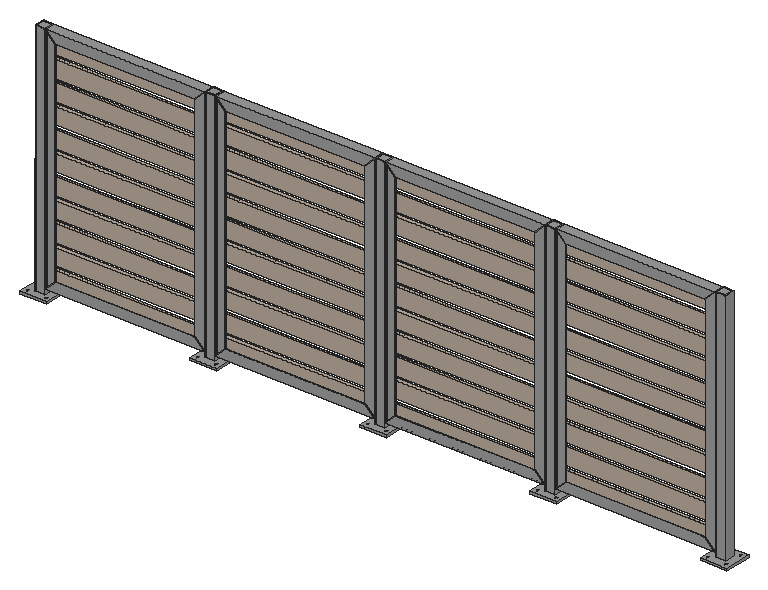
Revit family "Tiberius-Aluminum-Array", category Specialty Equipment, Revit 2026
Family settings
  Round Connector Dimension = Use Diameter
  Part Type = Normal
  Classification Number = 23.55.00.00
  Enable Cutting in Views = No
  Cut with Voids When Loaded = No
  Maintain Annotation Orientation = No
  Shared = No
  Room Calculation Point = No
Parameters (values of type "Assembly")
  Warranty URL = "https://palmshieldlouvers.com/wp-content/uploads/2020/01/PalmSHIELD-Warranty-NO-SIGN-LINE.pdf"
  Version = "2020 - v1.0a"  # constant formula
  URL = "https://palmshieldlouvers.com/"
  Type Comments = ""
  Start Post [instance] = yes
  Product Page URL = "https://palmshieldlouvers.com/products/semi-private-screening/"
  Product Documentation Link = "http://palmshieldlouvers.com/wp-content/uploads/2020/05/PalmSHIELD-Semi-Private-Composite-Technical-Data-Sheet.pdf"
  Post Finish = Metal - PalmSHIELD - Dusty Grey
  Panel Width [instance] = if(Desired Panel Width > C Max Panel Width, C Max Panel Width, if(Desired Panel Width < C Min Panel Width, C Min Panel Width, Desired Panel Width))  # 4' - 0"
  Panel Height [instance] = if(Desired Panel Height > C Max Panel Height, C Max Panel Height, if(Desired Panel Height < C Min Panel Height, C Min Panel Height, Desired Panel Height))  # 6' - 0"
  Model = "Tiberius - Aluminum - Panel Assembly"  # constant formula
  Manufacturer Phone Number = "531-329-4406 "  # constant formula
  Manufacturer Email = "mailto: info@palmshieldlouvers.com"
  Manufacturer Address = "12330 Cary Circle, La Vista, NE 68128"  # constant formula
  Manufacturer = "PalmSHIELD"  # constant formula
  Louver Finish = Metal - PalmSHIELD - Grey Beige
  Keynote = "05 10 00"
  Instruction Sheet Link = "http://palmshieldlouvers.com/wp-content/uploads/2020/01/PalmSHIELD-Post-Panel-Gate-Installation-Instructions-REV-1.pdf"
  ID [instance] = "Not Assigned"
  Frame Finish = Metal - PalmSHIELD - Dusty Grey
  Filler Panel [instance] = yes
  End Post [instance] = yes
  Desired Panel Width [instance] = 4' - 0"
  Desired Panel Height [instance] = 6' - 0"
  Real Length [instance] = if([built-in parameter 1001306] < (C Post Width + C Min Panel Width), (C Post Width + C Min Panel Width), [built-in parameter 1001306])  # 17' - 0"
  Description = "Tiberius - Aluminum - Panel Assembly"  # constant formula
  built-in parameter 1001306 [instance] = 17' - 0"
  Copyright = "Copyright ©2024 The American Fence Company and PalmSHIELD. All Rights Reserved."  # constant formula
  Component Name [instance] = "Tiberius - Aluminum - Panel Assembly"  # constant formula
  C Single Post [instance] = if(C Condition Double, 1 = 1, if(and(End Post, C Condition Single), 1 = 1, 1 = 0))  # no
  C Single Panel [instance] = or(C Condition Double, C Condition Single)  # no
  C Post Width [instance] = 0' - 3"  # constant formula
  C Multiple Post [instance] = (C Condition Multiple)  # yes
  C Multiple Panels [instance] = (C Condition Multiple)  # yes
  C Min Panel Width [instance] = 3' - 4"  # constant formula
  C Min Panel Height [instance] = 3' - 4"  # constant formula
  C Max Panel Width [instance] = 5' - 0"  # constant formula
  C Max Panel Height [instance] = 12' - 0"  # constant formula
  C Filler Post [instance] = and(not(C Condition Single), Filler Panel, End Post, C Filler Panel Width > C Min Panel Width)  # yes
  C Filler Panel Width Calculated [instance] = Real Length - C Calculated Total Length - Panel Width - C Post Width  # 4' - 0"
  C Filler Panel Width [instance] = if(C Filler Panel Width Calculated < C Min Panel Width, C Min Panel Width, if(C Filler Panel Width Calculated > C Max Panel Width, C Max Panel Width, C Filler Panel Width Calculated))  # 4' - 0"
  C Filler Panel [instance] = and(not(C Condition Single), Filler Panel, C Filler Panel Width > C Min Panel Width)  # yes
  C Condition Single [instance] = C Array Count < 1  # no
  C Condition Multiple [instance] = C Array Count > 1  # yes
  C Condition Double [instance] = C Array Count = 1  # no
  C Complete Post [instance] = and(not(C Condition Single), not(Filler Panel), End Post)  # no
  C Complete Panel [instance] = and(not(C Condition Single), not(Filler Panel))  # no
  C Calculated Total Length [instance] = if(C Array Count < 1, 0' 0", if(C Array Count = 1, C Post Width, Panel Width * (C Array Safe - 1) + C Post Width * (C Array Safe)))  # 8' - 9"
  C Calculated Filler Panel Length [instance] = if(C Array Count < 1, 0' 0", if(or(C Array Count = 2, C Array Count = 1), C Post Width, if(Filler Panel, (C Calculated Total Length - C Post Width - C Filler Panel Width), (C Calculated Total Length - C Post Width - Panel Width))))  # 4' - 6"
  C Array Safe [instance] = if(C Array Count < 2, 2, C Array Count)  # 3
  C Array Count [instance] = if(Filler Panel, roundup(((Real Length - C Min Panel Width) / (Panel Width + C Post Width)) - 1), roundup(((Real Length - (Panel Width)) / (Panel Width + C Post Width)) - 1))  # 3
  Assembly Code = "F1020100"
Reference planes (in)
  plane 1 "Center (Front/Back)": y = 0
  plane 2: z = 0
  plane 3 "Left": x = 0
  plane 4 "Right": x = 204
  plane 5 "Top": z = 60
  plane 6: x = 48
  plane 7: x = 51
  plane 8: x = 99
  plane 9: x = 102
  plane 10: x = -3
  plane 11: x = 153
  plane 12: x = 51
  plane 13: x = 201
  plane 14: x = 201
  plane 15: x = -1.5
Lines and regions (in)
  reference lines
    curve 1: line (0, 0, 0) -> (204, 0, 0)
Dimensions and locks (in)
  "built-in parameter 1001306": plane 3 "Left" to plane 4 "Right"
  "Panel Width": plane 6 to plane 3 "Left"
  "C Post Width": plane 7 to plane 6
  "Panel Width": plane 8 to plane 7
  "C Post Width": plane 9 to plane 8
  "C Post Width": plane 3 "Left" to plane 10
  "C Calculated Filler Panel Length": plane 12 to plane 10
  "C Filler Panel Width": plane 13 to plane 11
  "Panel Width": plane 14 to plane 11
  "C Calculated Total Length": plane 11 to plane 6
  equal spacing: plane 10, plane 15, plane 3 "Left"
  equal spacing: group 1, group 2, group 5  (x3)
  equal spacing: group 3, group 4, group 6  (x3)
  aligned and locked: plane 4 "Right" to curve 1
  aligned and locked: plane 1 "Center (Front/Back)" to curve 1
  aligned and locked: plane 3 "Left" to curve 1
  aligned and locked: level to plane 2
  aligned and locked: plane 15 to nested 1
  aligned and locked: nested 1 to plane 1 "Center (Front/Back)"
  aligned and locked: nested 5 to plane 1 "Center (Front/Back)"
  aligned and locked: plane 3 "Left" to nested 5
  aligned and locked: nested 6 to plane 13
  aligned and locked: nested 7 to plane 14
  aligned and locked: nested 9 to plane 13
  aligned and locked: nested 8 to plane 14
  aligned and locked: plane 1 "Center (Front/Back)" to nested 9
  aligned and locked: plane 1 "Center (Front/Back)" to nested 8
  aligned and locked: nested 7 to plane 1 "Center (Front/Back)"
  aligned and locked: plane 3 "Left" to nested 10
  aligned and locked: plane 7 to nested 11
  aligned and locked: nested 10 to plane 1 "Center (Front/Back)"
  aligned and locked: nested 11 to plane 1 "Center (Front/Back)"
  aligned and locked: nested 12 to plane 6
  aligned and locked: nested 13 to plane 8
  aligned and locked: plane 1 "Center (Front/Back)" to nested 12
  aligned and locked: plane 1 "Center (Front/Back)" to nested 13
  aligned and locked: nested 14 to plane 6
  aligned and locked: plane 1 "Center (Front/Back)" to nested 14
Nested families (in)
  nested 1: "Nested-Screening-Louver-Assembly-Post-Palmshield-Tiberius-Aluminum" at (-1.5, 0, 0), Desired Overall Height <- "Panel Height", visible <- "Start Post", Component Vis <- "Start Post", ID <- "ID", type "Assembly"
    with ID "Not Assigned", Height 6' - 0", Desired Overall Height 6' - 0", Component Vis yes, Component Name "Tiberius - Aluminum - Square Post", C Min Height 3' - 4", C Max Height 12' - 0"
  nested 2: "(Do_Not_Use-Nested)-Base_Plate-Palmshield-Tiberius-Aluminum" at (-1.5, 0, 0), type "8" x 8" x 5/8""
    with Material Metal - PalmSHIELD - Dusty Grey, ID "Not Assigned", Component Name "Tiberius - Aluminum - Base Plate"
  nested 3: "(Do_Not_Use-Nested)-Square_Post-Palmshield-Tiberius-Aluminum" at (-1.5, 0, 0.625), type "3" x 3" x 1/8""
    with Material Metal - PalmSHIELD - Dusty Grey, Length 5' - 11 3/8", ID "Not Assigned", Component Name "Atlas - Square Post"
  nested 4: "(Do_Not_Use-Nested)-Top_Cap-Palmshield-Tiberius-Aluminum" at (-1.5, 0, 72) x (1, 0, 0) z (0, 0, -1), type "2 3/4" x 2 3/4" x 1/8""
    with Material Metal - PalmSHIELD - Dusty Grey, ID "Not Assigned", Component Name "Tiberius - Aluminum - Square Top Cap"
  nested 5: "Nested-Screening-Louver-Assembly-Panel-Palmshield-Tiberius-Aluminum" at (0, -1.5, 0), Desired Overall Height <- "Panel Height", Desired Overall Width <- "Panel Width", visible <- "C Single Panel", Component Vis <- "C Single Panel", ID <- "ID", type "Assembly"
    with Width 4' - 0", ID "Not Assigned", Height 6' - 0", Desired Overall Width 4' - 0", Desired Overall Height 6' - 0", Desired Bottom Angle 0.00°, Component Vis no, Component Name "Tiberius - Aluminum - Panel Assembly", C Min Width 3' - 4", C Min Height 3' - 4", C Max Width 5' - 0", C Max Height 12' - 0", C Angle 0.00°
  nested 6: "Nested-Screening-Louver-Assembly-Panel-Palmshield-Tiberius-Aluminum" at (153, -1.5, 0), Desired Overall Height <- "Panel Height", Desired Overall Width <- "C Filler Panel Width", visible <- "C Filler Panel", Component Vis <- "C Filler Panel", ID <- "ID", type "Assembly"
    with Width 4' - 0", ID "Not Assigned", Height 6' - 0", Desired Overall Width 4' - 0", Desired Overall Height 6' - 0", Desired Bottom Angle 0.00°, Component Vis yes, Component Name "Tiberius - Aluminum - Panel Assembly", C Min Width 3' - 4", C Min Height 3' - 4", C Max Width 5' - 0", C Max Height 12' - 0", C Angle 0.00°
  nested 7: "Nested-Screening-Louver-Assembly-Panel-Palmshield-Tiberius-Aluminum" at (153, -1.5, 0), Desired Overall Height <- "Panel Height", Desired Overall Width <- "Panel Width", visible <- "C Complete Panel", Component Vis <- "C Complete Panel", ID <- "ID", type "Assembly"
    with Width 4' - 0", ID "Not Assigned", Height 6' - 0", Desired Overall Width 4' - 0", Desired Overall Height 6' - 0", Desired Bottom Angle 0.00°, Component Vis no, Component Name "Tiberius - Aluminum - Panel Assembly", C Min Width 3' - 4", C Min Height 3' - 4", C Max Width 5' - 0", C Max Height 12' - 0", C Angle 0.00°
  nested 8: "Nested-Screening-Louver-Assembly-Post-Palmshield-Tiberius-Aluminum" at (202.5, 0, 0), Desired Overall Height <- "Panel Height", visible <- "C Complete Post", Component Vis <- "C Complete Post", ID <- "ID", type "Assembly"
    with ID "Not Assigned", Height 6' - 0", Desired Overall Height 6' - 0", Component Vis no, Component Name "Tiberius - Aluminum - Square Post", C Min Height 3' - 4", C Max Height 12' - 0"
  nested 9: "Nested-Screening-Louver-Assembly-Post-Palmshield-Tiberius-Aluminum" at (202.5, 0, 0), Desired Overall Height <- "Panel Height", visible <- "C Filler Post", Component Vis <- "C Filler Post", ID <- "ID", type "Assembly"
    with ID "Not Assigned", Height 6' - 0", Desired Overall Height 6' - 0", Component Vis yes, Component Name "Tiberius - Aluminum - Square Post", C Min Height 3' - 4", C Max Height 12' - 0"
  nested 10: "Nested-Screening-Louver-Assembly-Panel-Palmshield-Tiberius-Aluminum" at (0, -1.5, 0), Desired Overall Height <- "Panel Height", Desired Overall Width <- "Panel Width", visible <- "C Multiple Panels", Component Vis <- "C Multiple Panels", ID <- "ID", type "Assembly"
    with Width 4' - 0", ID "Not Assigned", Height 6' - 0", Desired Overall Width 4' - 0", Desired Overall Height 6' - 0", Desired Bottom Angle 0.00°, Component Vis yes, Component Name "Tiberius - Aluminum - Panel Assembly", C Min Width 3' - 4", C Min Height 3' - 4", C Max Width 5' - 0", C Max Height 12' - 0", C Angle 0.00°
  nested 11: "Nested-Screening-Louver-Assembly-Panel-Palmshield-Tiberius-Aluminum" at (51, -1.5, 0), Desired Overall Height <- "Panel Height", Desired Overall Width <- "Panel Width", visible <- "C Multiple Panels", Component Vis <- "C Multiple Panels", ID <- "ID", type "Assembly"
    with Width 4' - 0", ID "Not Assigned", Height 6' - 0", Desired Overall Width 4' - 0", Desired Overall Height 6' - 0", Desired Bottom Angle 0.00°, Component Vis yes, Component Name "Tiberius - Aluminum - Panel Assembly", C Min Width 3' - 4", C Min Height 3' - 4", C Max Width 5' - 0", C Max Height 12' - 0", C Angle 0.00°
  nested 12: "Nested-Screening-Louver-Assembly-Post-Palmshield-Tiberius-Aluminum" at (49.5, 0, 0), Desired Overall Height <- "Panel Height", visible <- "C Multiple Post", Component Vis <- "C Multiple Post", ID <- "ID", type "Assembly"
    with ID "Not Assigned", Height 6' - 0", Desired Overall Height 6' - 0", Component Vis yes, Component Name "Tiberius - Aluminum - Square Post", C Min Height 3' - 4", C Max Height 12' - 0"
  nested 13: "Nested-Screening-Louver-Assembly-Post-Palmshield-Tiberius-Aluminum" at (100.5, 0, 0), Desired Overall Height <- "Panel Height", visible <- "C Multiple Post", Component Vis <- "C Multiple Post", ID <- "ID", type "Assembly"
    with ID "Not Assigned", Height 6' - 0", Desired Overall Height 6' - 0", Component Vis yes, Component Name "Tiberius - Aluminum - Square Post", C Min Height 3' - 4", C Max Height 12' - 0"
  nested 14: "Nested-Screening-Louver-Assembly-Post-Palmshield-Tiberius-Aluminum" at (49.5, 0, 0), Desired Overall Height <- "Panel Height", visible <- "C Single Post", Component Vis <- "C Single Post", ID <- "ID", type "Assembly"
    with ID "Not Assigned", Height 6' - 0", Desired Overall Height 6' - 0", Component Vis no, Component Name "Tiberius - Aluminum - Square Post", C Min Height 3' - 4", C Max Height 12' - 0"
  nested 15: "(Do_Not_Use-Nested)-Louvers-Palmshield-Tiberius-Aluminum" at (53.5, -0.25, 33.2) x (0, -1, 0) z (1, 0, 0), type "TREX TRANSCEN INFILL SLATS"
    with Material Metal - PalmSHIELD - Grey Beige, Length 3' - 7", ID "Not Assigned", Component Name "Tiberius - Aluminum - Infill Slat"
  nested 16: "(Do_Not_Use-Nested)-Louvers-Palmshield-Tiberius-Aluminum" at (53.5, -0.25, 39.5) x (0, -1, 0) z (1, 0, 0), type "TREX TRANSCEN INFILL SLATS"
    with Material Metal - PalmSHIELD - Grey Beige, Length 3' - 7", ID "Not Assigned", Component Name "Tiberius - Aluminum - Infill Slat"
  nested 17: "(Do_Not_Use-Nested)-Louvers-Palmshield-Tiberius-Aluminum" at (53.5, -0.25, 45.8) x (0, -1, 0) z (1, 0, 0), type "TREX TRANSCEN INFILL SLATS"
    with Material Metal - PalmSHIELD - Grey Beige, Length 3' - 7", ID "Not Assigned", Component Name "Tiberius - Aluminum - Infill Slat"
  nested 18: "(Do_Not_Use-Nested)-Louvers-Palmshield-Tiberius-Aluminum" at (53.5, -0.25, 52.1) x (0, -1, 0) z (1, 0, 0), type "TREX TRANSCEN INFILL SLATS"
    with Material Metal - PalmSHIELD - Grey Beige, Length 3' - 7", ID "Not Assigned", Component Name "Tiberius - Aluminum - Infill Slat"
  nested 19: "(Do_Not_Use-Nested)-Louvers-Palmshield-Tiberius-Aluminum" at (53.5, -0.25, 58.4) x (0, -1, 0) z (1, 0, 0), type "TREX TRANSCEN INFILL SLATS"
    with Material Metal - PalmSHIELD - Grey Beige, Length 3' - 7", ID "Not Assigned", Component Name "Tiberius - Aluminum - Infill Slat"
  nested 20: "(Do_Not_Use-Nested)-Louvers-Palmshield-Tiberius-Aluminum" at (53.5, -0.25, 64.7) x (0, -1, 0) z (1, 0, 0), type "TREX TRANSCEN INFILL SLATS"
    with Material Metal - PalmSHIELD - Grey Beige, Length 3' - 7", ID "Not Assigned", Component Name "Tiberius - Aluminum - Infill Slat"
  nested 21: "(Do_Not_Use-Nested)-Louvers-Palmshield-Tiberius-Aluminum" at (53.5, -0.25, 8) x (0, -1, 0) z (1, 0, 0), type "TREX TRANSCEN INFILL SLATS"
    with Material Metal - PalmSHIELD - Grey Beige, Length 3' - 7", ID "Not Assigned", Component Name "Tiberius - Aluminum - Infill Slat"
  nested 22: "(Do_Not_Use-Nested)-Louvers-Palmshield-Tiberius-Aluminum" at (53.5, -0.25, 71) x (0, -1, 0) z (1, 0, 0), type "TREX TRANSCEN INFILL SLATS"
    with Material Metal - PalmSHIELD - Grey Beige, Length 3' - 7", ID "Not Assigned", Component Name "Tiberius - Aluminum - Infill Slat"
  nested 23: "(Do_Not_Use-Nested)-L_Frame-Palmshield-Tiberius" at (99, -1.5, 72) x (0, 1, 0) z (0, 0, -1), type "ALUM L 3" X 3" X 1/4""
    with Material Metal - PalmSHIELD - Dusty Grey, Length 4' - 0", ID "Not Assigned", Component Name "Tiberius - Aluminum - L Frame", B-Side Cut Angle 45.00°, A-Side Cut Angle 45.00°
  nested 24: "(Do_Not_Use-Nested)-L_Frame-Palmshield-Tiberius" at (51, -1.5, 72) x (0, 1, 0) z (1, 0, 0), type "ALUM L 3" X 3" X 1/4""
    with Material Metal - PalmSHIELD - Dusty Grey, Length 5' - 10", ID "Not Assigned", Component Name "Tiberius - Aluminum - L Frame", B-Side Cut Angle 45.00°, A-Side Cut Angle 45.00°
  nested 25: "(Do_Not_Use-Nested)-L_Frame-Palmshield-Tiberius" at (99, -1.5, 2) x (0, 1, 0) z (-1, 0, 0), type "ALUM L 3" X 3" X 1/4""
    with Material Metal - PalmSHIELD - Dusty Grey, Length 5' - 10", ID "Not Assigned", Component Name "Tiberius - Aluminum - L Frame", B-Side Cut Angle 45.00°, A-Side Cut Angle 45.00°
  nested 26: "(Do_Not_Use-Nested)-L_Frame-Palmshield-Tiberius" at (51, -1.5, 2) x (0, 1, 0) z (0, 0, 1), type "ALUM L 3" X 3" X 1/4""
    with Material Metal - PalmSHIELD - Dusty Grey, Length 4' - 0", ID "Not Assigned", Component Name "Tiberius - Aluminum - L Frame", B-Side Cut Angle 45.00°, A-Side Cut Angle 45.00°
  nested 27: "(Do_Not_Use-Nested)-Louvers-Palmshield-Tiberius-Aluminum" at (53.5, -0.25, 20.6) x (0, -1, 0) z (1, 0, 0), type "TREX TRANSCEN INFILL SLATS"
    with Material Metal - PalmSHIELD - Grey Beige, Length 3' - 7", ID "Not Assigned", Component Name "Tiberius - Aluminum - Infill Slat"
  nested 28: "(Do_Not_Use-Nested)-Louvers-Palmshield-Tiberius-Aluminum" at (53.5, -0.25, 26.9) x (0, -1, 0) z (1, 0, 0), type "TREX TRANSCEN INFILL SLATS"
    with Material Metal - PalmSHIELD - Grey Beige, Length 3' - 7", ID "Not Assigned", Component Name "Tiberius - Aluminum - Infill Slat"
  nested 29: "(Do_Not_Use-Nested)-Louvers-Palmshield-Tiberius-Aluminum" at (53.5, -0.25, 14.3) x (0, -1, 0) z (1, 0, 0), type "TREX TRANSCEN INFILL SLATS"
    with Material Metal - PalmSHIELD - Grey Beige, Length 3' - 7", ID "Not Assigned", Component Name "Tiberius - Aluminum - Infill Slat"
  nested 30: "(Do_Not_Use-Nested)-Base_Plate-Palmshield-Tiberius-Aluminum" at (100.5, 0, 0), type "8" x 8" x 5/8""
    with Material Metal - PalmSHIELD - Dusty Grey, ID "Not Assigned", Component Name "Tiberius - Aluminum - Base Plate"
  nested 31: "(Do_Not_Use-Nested)-Square_Post-Palmshield-Tiberius-Aluminum" at (100.5, 0, 0.625), type "3" x 3" x 1/8""
    with Material Metal - PalmSHIELD - Dusty Grey, Length 5' - 11 3/8", ID "Not Assigned", Component Name "Atlas - Square Post"
  nested 32: "(Do_Not_Use-Nested)-Top_Cap-Palmshield-Tiberius-Aluminum" at (100.5, 0, 72) x (1, 0, 0) z (0, 0, -1), type "2 3/4" x 2 3/4" x 1/8""
    with Material Metal - PalmSHIELD - Dusty Grey, ID "Not Assigned", Component Name "Tiberius - Aluminum - Square Top Cap"
  nested 33: "(Do_Not_Use-Nested)-Base_Plate-Palmshield-Tiberius-Aluminum" at (49.5, 0, 0), type "8" x 8" x 5/8""
    with Material Metal - PalmSHIELD - Dusty Grey, ID "Not Assigned", Component Name "Tiberius - Aluminum - Base Plate"
  nested 34: "(Do_Not_Use-Nested)-Square_Post-Palmshield-Tiberius-Aluminum" at (49.5, 0, 0.625), type "3" x 3" x 1/8""
    with Material Metal - PalmSHIELD - Dusty Grey, Length 5' - 11 3/8", ID "Not Assigned", Component Name "Atlas - Square Post"
  nested 35: "(Do_Not_Use-Nested)-Top_Cap-Palmshield-Tiberius-Aluminum" at (49.5, 0, 72) x (1, 0, 0) z (0, 0, -1), type "2 3/4" x 2 3/4" x 1/8""
    with Material Metal - PalmSHIELD - Dusty Grey, ID "Not Assigned", Component Name "Tiberius - Aluminum - Square Top Cap"
  nested 36: "(Do_Not_Use-Nested)-Louvers-Palmshield-Tiberius-Aluminum" at (2.5, -0.25, 33.2) x (0, -1, 0) z (1, 0, 0), type "TREX TRANSCEN INFILL SLATS"
    with Material Metal - PalmSHIELD - Grey Beige, Length 3' - 7", ID "Not Assigned", Component Name "Tiberius - Aluminum - Infill Slat"
  nested 37: "(Do_Not_Use-Nested)-Louvers-Palmshield-Tiberius-Aluminum" at (2.5, -0.25, 39.5) x (0, -1, 0) z (1, 0, 0), type "TREX TRANSCEN INFILL SLATS"
    with Material Metal - PalmSHIELD - Grey Beige, Length 3' - 7", ID "Not Assigned", Component Name "Tiberius - Aluminum - Infill Slat"
  nested 38: "(Do_Not_Use-Nested)-Louvers-Palmshield-Tiberius-Aluminum" at (2.5, -0.25, 45.8) x (0, -1, 0) z (1, 0, 0), type "TREX TRANSCEN INFILL SLATS"
    with Material Metal - PalmSHIELD - Grey Beige, Length 3' - 7", ID "Not Assigned", Component Name "Tiberius - Aluminum - Infill Slat"
  nested 39: "(Do_Not_Use-Nested)-Louvers-Palmshield-Tiberius-Aluminum" at (2.5, -0.25, 52.1) x (0, -1, 0) z (1, 0, 0), type "TREX TRANSCEN INFILL SLATS"
    with Material Metal - PalmSHIELD - Grey Beige, Length 3' - 7", ID "Not Assigned", Component Name "Tiberius - Aluminum - Infill Slat"
  nested 40: "(Do_Not_Use-Nested)-Louvers-Palmshield-Tiberius-Aluminum" at (2.5, -0.25, 58.4) x (0, -1, 0) z (1, 0, 0), type "TREX TRANSCEN INFILL SLATS"
    with Material Metal - PalmSHIELD - Grey Beige, Length 3' - 7", ID "Not Assigned", Component Name "Tiberius - Aluminum - Infill Slat"
  nested 41: "(Do_Not_Use-Nested)-Louvers-Palmshield-Tiberius-Aluminum" at (2.5, -0.25, 64.7) x (0, -1, 0) z (1, 0, 0), type "TREX TRANSCEN INFILL SLATS"
    with Material Metal - PalmSHIELD - Grey Beige, Length 3' - 7", ID "Not Assigned", Component Name "Tiberius - Aluminum - Infill Slat"
  nested 42: "(Do_Not_Use-Nested)-Louvers-Palmshield-Tiberius-Aluminum" at (2.5, -0.25, 8) x (0, -1, 0) z (1, 0, 0), type "TREX TRANSCEN INFILL SLATS"
    with Material Metal - PalmSHIELD - Grey Beige, Length 3' - 7", ID "Not Assigned", Component Name "Tiberius - Aluminum - Infill Slat"
  nested 43: "(Do_Not_Use-Nested)-Louvers-Palmshield-Tiberius-Aluminum" at (2.5, -0.25, 71) x (0, -1, 0) z (1, 0, 0), type "TREX TRANSCEN INFILL SLATS"
    with Material Metal - PalmSHIELD - Grey Beige, Length 3' - 7", ID "Not Assigned", Component Name "Tiberius - Aluminum - Infill Slat"
  nested 44: "(Do_Not_Use-Nested)-L_Frame-Palmshield-Tiberius" at (48, -1.5, 72) x (0, 1, 0) z (0, 0, -1), type "ALUM L 3" X 3" X 1/4""
    with Material Metal - PalmSHIELD - Dusty Grey, Length 4' - 0", ID "Not Assigned", Component Name "Tiberius - Aluminum - L Frame", B-Side Cut Angle 45.00°, A-Side Cut Angle 45.00°
  nested 45: "(Do_Not_Use-Nested)-L_Frame-Palmshield-Tiberius" at (0, -1.5, 72) x (0, 1, 0) z (1, 0, 0), type "ALUM L 3" X 3" X 1/4""
    with Material Metal - PalmSHIELD - Dusty Grey, Length 5' - 10", ID "Not Assigned", Component Name "Tiberius - Aluminum - L Frame", B-Side Cut Angle 45.00°, A-Side Cut Angle 45.00°
  nested 46: "(Do_Not_Use-Nested)-L_Frame-Palmshield-Tiberius" at (48, -1.5, 2) x (0, 1, 0) z (-1, 0, 0), type "ALUM L 3" X 3" X 1/4""
    with Material Metal - PalmSHIELD - Dusty Grey, Length 5' - 10", ID "Not Assigned", Component Name "Tiberius - Aluminum - L Frame", B-Side Cut Angle 45.00°, A-Side Cut Angle 45.00°
  nested 47: "(Do_Not_Use-Nested)-L_Frame-Palmshield-Tiberius" at (0, -1.5, 2) x (0, 1, 0) z (0, 0, 1), type "ALUM L 3" X 3" X 1/4""
    with Material Metal - PalmSHIELD - Dusty Grey, Length 4' - 0", ID "Not Assigned", Component Name "Tiberius - Aluminum - L Frame", B-Side Cut Angle 45.00°, A-Side Cut Angle 45.00°
  nested 48: "(Do_Not_Use-Nested)-Louvers-Palmshield-Tiberius-Aluminum" at (2.5, -0.25, 20.6) x (0, -1, 0) z (1, 0, 0), type "TREX TRANSCEN INFILL SLATS"
    with Material Metal - PalmSHIELD - Grey Beige, Length 3' - 7", ID "Not Assigned", Component Name "Tiberius - Aluminum - Infill Slat"
  nested 49: "(Do_Not_Use-Nested)-Louvers-Palmshield-Tiberius-Aluminum" at (2.5, -0.25, 26.9) x (0, -1, 0) z (1, 0, 0), type "TREX TRANSCEN INFILL SLATS"
    with Material Metal - PalmSHIELD - Grey Beige, Length 3' - 7", ID "Not Assigned", Component Name "Tiberius - Aluminum - Infill Slat"
  nested 50: "(Do_Not_Use-Nested)-Louvers-Palmshield-Tiberius-Aluminum" at (2.5, -0.25, 14.3) x (0, -1, 0) z (1, 0, 0), type "TREX TRANSCEN INFILL SLATS"
    with Material Metal - PalmSHIELD - Grey Beige, Length 3' - 7", ID "Not Assigned", Component Name "Tiberius - Aluminum - Infill Slat"
  nested 51: "Nested-Screening-Louver-Assembly-Panel-Palmshield-Tiberius-Aluminum" at (102, -1.5, 0), Desired Overall Height <- "Panel Height", Desired Overall Width <- "Panel Width", visible <- "C Multiple Panels", Component Vis <- "C Multiple Panels", ID <- "ID", type "Assembly"
    with Width 4' - 0", ID "Not Assigned", Height 6' - 0", Desired Overall Width 4' - 0", Desired Overall Height 6' - 0", Desired Bottom Angle 0.00°, Component Vis yes, Component Name "Tiberius - Aluminum - Panel Assembly", C Min Width 3' - 4", C Min Height 3' - 4", C Max Width 5' - 0", C Max Height 12' - 0", C Angle 0.00°
  nested 52: "(Do_Not_Use-Nested)-Louvers-Palmshield-Tiberius-Aluminum" at (104.5, -0.25, 33.2) x (0, -1, 0) z (1, 0, 0), type "TREX TRANSCEN INFILL SLATS"
    with Material Metal - PalmSHIELD - Grey Beige, Length 3' - 7", ID "Not Assigned", Component Name "Tiberius - Aluminum - Infill Slat"
  nested 53: "(Do_Not_Use-Nested)-Louvers-Palmshield-Tiberius-Aluminum" at (104.5, -0.25, 39.5) x (0, -1, 0) z (1, 0, 0), type "TREX TRANSCEN INFILL SLATS"
    with Material Metal - PalmSHIELD - Grey Beige, Length 3' - 7", ID "Not Assigned", Component Name "Tiberius - Aluminum - Infill Slat"
  nested 54: "(Do_Not_Use-Nested)-Louvers-Palmshield-Tiberius-Aluminum" at (104.5, -0.25, 45.8) x (0, -1, 0) z (1, 0, 0), type "TREX TRANSCEN INFILL SLATS"
    with Material Metal - PalmSHIELD - Grey Beige, Length 3' - 7", ID "Not Assigned", Component Name "Tiberius - Aluminum - Infill Slat"
  nested 55: "(Do_Not_Use-Nested)-Louvers-Palmshield-Tiberius-Aluminum" at (104.5, -0.25, 52.1) x (0, -1, 0) z (1, 0, 0), type "TREX TRANSCEN INFILL SLATS"
    with Material Metal - PalmSHIELD - Grey Beige, Length 3' - 7", ID "Not Assigned", Component Name "Tiberius - Aluminum - Infill Slat"
  nested 56: "(Do_Not_Use-Nested)-Louvers-Palmshield-Tiberius-Aluminum" at (104.5, -0.25, 58.4) x (0, -1, 0) z (1, 0, 0), type "TREX TRANSCEN INFILL SLATS"
    with Material Metal - PalmSHIELD - Grey Beige, Length 3' - 7", ID "Not Assigned", Component Name "Tiberius - Aluminum - Infill Slat"
  nested 57: "(Do_Not_Use-Nested)-Louvers-Palmshield-Tiberius-Aluminum" at (104.5, -0.25, 64.7) x (0, -1, 0) z (1, 0, 0), type "TREX TRANSCEN INFILL SLATS"
    with Material Metal - PalmSHIELD - Grey Beige, Length 3' - 7", ID "Not Assigned", Component Name "Tiberius - Aluminum - Infill Slat"
  nested 58: "(Do_Not_Use-Nested)-Louvers-Palmshield-Tiberius-Aluminum" at (104.5, -0.25, 8) x (0, -1, 0) z (1, 0, 0), type "TREX TRANSCEN INFILL SLATS"
    with Material Metal - PalmSHIELD - Grey Beige, Length 3' - 7", ID "Not Assigned", Component Name "Tiberius - Aluminum - Infill Slat"
  nested 59: "(Do_Not_Use-Nested)-Louvers-Palmshield-Tiberius-Aluminum" at (104.5, -0.25, 71) x (0, -1, 0) z (1, 0, 0), type "TREX TRANSCEN INFILL SLATS"
    with Material Metal - PalmSHIELD - Grey Beige, Length 3' - 7", ID "Not Assigned", Component Name "Tiberius - Aluminum - Infill Slat"
  nested 60: "(Do_Not_Use-Nested)-L_Frame-Palmshield-Tiberius" at (150, -1.5, 72) x (0, 1, 0) z (0, 0, -1), type "ALUM L 3" X 3" X 1/4""
    with Material Metal - PalmSHIELD - Dusty Grey, Length 4' - 0", ID "Not Assigned", Component Name "Tiberius - Aluminum - L Frame", B-Side Cut Angle 45.00°, A-Side Cut Angle 45.00°
  nested 61: "(Do_Not_Use-Nested)-L_Frame-Palmshield-Tiberius" at (102, -1.5, 72) x (0, 1, 0) z (1, 0, 0), type "ALUM L 3" X 3" X 1/4""
    with Material Metal - PalmSHIELD - Dusty Grey, Length 5' - 10", ID "Not Assigned", Component Name "Tiberius - Aluminum - L Frame", B-Side Cut Angle 45.00°, A-Side Cut Angle 45.00°
  nested 62: "(Do_Not_Use-Nested)-L_Frame-Palmshield-Tiberius" at (150, -1.5, 2) x (0, 1, 0) z (-1, 0, 0), type "ALUM L 3" X 3" X 1/4""
    with Material Metal - PalmSHIELD - Dusty Grey, Length 5' - 10", ID "Not Assigned", Component Name "Tiberius - Aluminum - L Frame", B-Side Cut Angle 45.00°, A-Side Cut Angle 45.00°
  nested 63: "(Do_Not_Use-Nested)-L_Frame-Palmshield-Tiberius" at (102, -1.5, 2) x (0, 1, 0) z (0, 0, 1), type "ALUM L 3" X 3" X 1/4""
    with Material Metal - PalmSHIELD - Dusty Grey, Length 4' - 0", ID "Not Assigned", Component Name "Tiberius - Aluminum - L Frame", B-Side Cut Angle 45.00°, A-Side Cut Angle 45.00°
  nested 64: "(Do_Not_Use-Nested)-Louvers-Palmshield-Tiberius-Aluminum" at (104.5, -0.25, 20.6) x (0, -1, 0) z (1, 0, 0), type "TREX TRANSCEN INFILL SLATS"
    with Material Metal - PalmSHIELD - Grey Beige, Length 3' - 7", ID "Not Assigned", Component Name "Tiberius - Aluminum - Infill Slat"
  nested 65: "(Do_Not_Use-Nested)-Louvers-Palmshield-Tiberius-Aluminum" at (104.5, -0.25, 26.9) x (0, -1, 0) z (1, 0, 0), type "TREX TRANSCEN INFILL SLATS"
    with Material Metal - PalmSHIELD - Grey Beige, Length 3' - 7", ID "Not Assigned", Component Name "Tiberius - Aluminum - Infill Slat"
  nested 66: "(Do_Not_Use-Nested)-Louvers-Palmshield-Tiberius-Aluminum" at (104.5, -0.25, 14.3) x (0, -1, 0) z (1, 0, 0), type "TREX TRANSCEN INFILL SLATS"
    with Material Metal - PalmSHIELD - Grey Beige, Length 3' - 7", ID "Not Assigned", Component Name "Tiberius - Aluminum - Infill Slat"
  nested 67: "Nested-Screening-Louver-Assembly-Post-Palmshield-Tiberius-Aluminum" at (151.5, 0, 0), Desired Overall Height <- "Panel Height", visible <- "C Multiple Post", Component Vis <- "C Multiple Post", ID <- "ID", type "Assembly"
    with ID "Not Assigned", Height 6' - 0", Desired Overall Height 6' - 0", Component Vis yes, Component Name "Tiberius - Aluminum - Square Post", C Min Height 3' - 4", C Max Height 12' - 0"
  nested 68: "(Do_Not_Use-Nested)-Base_Plate-Palmshield-Tiberius-Aluminum" at (151.5, 0, 0), type "8" x 8" x 5/8""
    with Material Metal - PalmSHIELD - Dusty Grey, ID "Not Assigned", Component Name "Tiberius - Aluminum - Base Plate"
  nested 69: "(Do_Not_Use-Nested)-Square_Post-Palmshield-Tiberius-Aluminum" at (151.5, 0, 0.625), type "3" x 3" x 1/8""
    with Material Metal - PalmSHIELD - Dusty Grey, Length 5' - 11 3/8", ID "Not Assigned", Component Name "Atlas - Square Post"
  nested 70: "(Do_Not_Use-Nested)-Top_Cap-Palmshield-Tiberius-Aluminum" at (151.5, 0, 72) x (1, 0, 0) z (0, 0, -1), type "2 3/4" x 2 3/4" x 1/8""
    with Material Metal - PalmSHIELD - Dusty Grey, ID "Not Assigned", Component Name "Tiberius - Aluminum - Square Top Cap"
  nested 71: "(Do_Not_Use-Nested)-Louvers-Palmshield-Tiberius-Aluminum" at (155.5, -0.25, 33.2) x (0, -1, 0) z (1, 0, 0), type "TREX TRANSCEN INFILL SLATS"
    with Material Metal - PalmSHIELD - Grey Beige, Length 3' - 7", ID "Not Assigned", Component Name "Tiberius - Aluminum - Infill Slat"
  nested 72: "(Do_Not_Use-Nested)-Louvers-Palmshield-Tiberius-Aluminum" at (155.5, -0.25, 39.5) x (0, -1, 0) z (1, 0, 0), type "TREX TRANSCEN INFILL SLATS"
    with Material Metal - PalmSHIELD - Grey Beige, Length 3' - 7", ID "Not Assigned", Component Name "Tiberius - Aluminum - Infill Slat"
  nested 73: "(Do_Not_Use-Nested)-Louvers-Palmshield-Tiberius-Aluminum" at (155.5, -0.25, 45.8) x (0, -1, 0) z (1, 0, 0), type "TREX TRANSCEN INFILL SLATS"
    with Material Metal - PalmSHIELD - Grey Beige, Length 3' - 7", ID "Not Assigned", Component Name "Tiberius - Aluminum - Infill Slat"
  nested 74: "(Do_Not_Use-Nested)-Louvers-Palmshield-Tiberius-Aluminum" at (155.5, -0.25, 52.1) x (0, -1, 0) z (1, 0, 0), type "TREX TRANSCEN INFILL SLATS"
    with Material Metal - PalmSHIELD - Grey Beige, Length 3' - 7", ID "Not Assigned", Component Name "Tiberius - Aluminum - Infill Slat"
  nested 75: "(Do_Not_Use-Nested)-Louvers-Palmshield-Tiberius-Aluminum" at (155.5, -0.25, 58.4) x (0, -1, 0) z (1, 0, 0), type "TREX TRANSCEN INFILL SLATS"
    with Material Metal - PalmSHIELD - Grey Beige, Length 3' - 7", ID "Not Assigned", Component Name "Tiberius - Aluminum - Infill Slat"
  nested 76: "(Do_Not_Use-Nested)-Louvers-Palmshield-Tiberius-Aluminum" at (155.5, -0.25, 64.7) x (0, -1, 0) z (1, 0, 0), type "TREX TRANSCEN INFILL SLATS"
    with Material Metal - PalmSHIELD - Grey Beige, Length 3' - 7", ID "Not Assigned", Component Name "Tiberius - Aluminum - Infill Slat"
  nested 77: "(Do_Not_Use-Nested)-Louvers-Palmshield-Tiberius-Aluminum" at (155.5, -0.25, 8) x (0, -1, 0) z (1, 0, 0), type "TREX TRANSCEN INFILL SLATS"
    with Material Metal - PalmSHIELD - Grey Beige, Length 3' - 7", ID "Not Assigned", Component Name "Tiberius - Aluminum - Infill Slat"
  nested 78: "(Do_Not_Use-Nested)-Louvers-Palmshield-Tiberius-Aluminum" at (155.5, -0.25, 71) x (0, -1, 0) z (1, 0, 0), type "TREX TRANSCEN INFILL SLATS"
    with Material Metal - PalmSHIELD - Grey Beige, Length 3' - 7", ID "Not Assigned", Component Name "Tiberius - Aluminum - Infill Slat"
  nested 79: "(Do_Not_Use-Nested)-L_Frame-Palmshield-Tiberius" at (201, -1.5, 72) x (0, 1, 0) z (0, 0, -1), type "ALUM L 3" X 3" X 1/4""
    with Material Metal - PalmSHIELD - Dusty Grey, Length 4' - 0", ID "Not Assigned", Component Name "Tiberius - Aluminum - L Frame", B-Side Cut Angle 45.00°, A-Side Cut Angle 45.00°
  nested 80: "(Do_Not_Use-Nested)-L_Frame-Palmshield-Tiberius" at (153, -1.5, 72) x (0, 1, 0) z (1, 0, 0), type "ALUM L 3" X 3" X 1/4""
    with Material Metal - PalmSHIELD - Dusty Grey, Length 5' - 10", ID "Not Assigned", Component Name "Tiberius - Aluminum - L Frame", B-Side Cut Angle 45.00°, A-Side Cut Angle 45.00°
  nested 81: "(Do_Not_Use-Nested)-L_Frame-Palmshield-Tiberius" at (201, -1.5, 2) x (0, 1, 0) z (-1, 0, 0), type "ALUM L 3" X 3" X 1/4""
    with Material Metal - PalmSHIELD - Dusty Grey, Length 5' - 10", ID "Not Assigned", Component Name "Tiberius - Aluminum - L Frame", B-Side Cut Angle 45.00°, A-Side Cut Angle 45.00°
  nested 82: "(Do_Not_Use-Nested)-L_Frame-Palmshield-Tiberius" at (153, -1.5, 2) x (0, 1, 0) z (0, 0, 1), type "ALUM L 3" X 3" X 1/4""
    with Material Metal - PalmSHIELD - Dusty Grey, Length 4' - 0", ID "Not Assigned", Component Name "Tiberius - Aluminum - L Frame", B-Side Cut Angle 45.00°, A-Side Cut Angle 45.00°
  nested 83: "(Do_Not_Use-Nested)-Louvers-Palmshield-Tiberius-Aluminum" at (155.5, -0.25, 20.6) x (0, -1, 0) z (1, 0, 0), type "TREX TRANSCEN INFILL SLATS"
    with Material Metal - PalmSHIELD - Grey Beige, Length 3' - 7", ID "Not Assigned", Component Name "Tiberius - Aluminum - Infill Slat"
  nested 84: "(Do_Not_Use-Nested)-Louvers-Palmshield-Tiberius-Aluminum" at (155.5, -0.25, 26.9) x (0, -1, 0) z (1, 0, 0), type "TREX TRANSCEN INFILL SLATS"
    with Material Metal - PalmSHIELD - Grey Beige, Length 3' - 7", ID "Not Assigned", Component Name "Tiberius - Aluminum - Infill Slat"
  nested 85: "(Do_Not_Use-Nested)-Louvers-Palmshield-Tiberius-Aluminum" at (155.5, -0.25, 14.3) x (0, -1, 0) z (1, 0, 0), type "TREX TRANSCEN INFILL SLATS"
    with Material Metal - PalmSHIELD - Grey Beige, Length 3' - 7", ID "Not Assigned", Component Name "Tiberius - Aluminum - Infill Slat"
  nested 86: "(Do_Not_Use-Nested)-Base_Plate-Palmshield-Tiberius-Aluminum" at (202.5, 0, 0), type "8" x 8" x 5/8""
    with Material Metal - PalmSHIELD - Dusty Grey, ID "Not Assigned", Component Name "Tiberius - Aluminum - Base Plate"
  nested 87: "(Do_Not_Use-Nested)-Square_Post-Palmshield-Tiberius-Aluminum" at (202.5, 0, 0.625), type "3" x 3" x 1/8""
    with Material Metal - PalmSHIELD - Dusty Grey, Length 5' - 11 3/8", ID "Not Assigned", Component Name "Atlas - Square Post"
  nested 88: "(Do_Not_Use-Nested)-Top_Cap-Palmshield-Tiberius-Aluminum" at (202.5, 0, 72) x (1, 0, 0) z (0, 0, -1), type "2 3/4" x 2 3/4" x 1/8""
    with Material Metal - PalmSHIELD - Dusty Grey, ID "Not Assigned", Component Name "Tiberius - Aluminum - Square Top Cap"
Definition of nested family "(Do_Not_Use-Nested)-Base_Plate-Palmshield-Tiberius-Aluminum"
  Parameters (values of type "8" x 8" x 5/8"")
    Width = 0' - 8"  # constant formula
    Warranty URL = "https://palmshieldlouvers.com/wp-content/uploads/2020/01/PalmSHIELD-Warranty-NO-SIGN-LINE.pdf"
    Version = "2020 - v1.0a"  # constant formula
    URL = "https://palmshieldlouvers.com/"
    Thickness = 0' - 0 5/8"  # constant formula
    Product Page URL = "https://palmshieldlouvers.com/products/semi-private-screening/"
    Product Documentation Link = "http://palmshieldlouvers.com/wp-content/uploads/2020/05/PalmSHIELD-Semi-Private-Composite-Technical-Data-Sheet.pdf"
    Model = "Tiberius - Aluminum"  # constant formula
    Material [instance] = none
    Manufacturer Phone Number = "531-329-4406 "  # constant formula
    Manufacturer Fax Number = "Consult Manufacturer Website for More Information"  # constant formula
    Manufacturer Email = "mailto: info@palmshieldlouvers.com"
    Manufacturer Address = "12330 Cary Circle, La Vista, NE 68128"  # constant formula
    Manufacturer = "PalmSHIELD"  # constant formula
    Keynote = "05 10 00"
    Instruction Sheet Link = "http://palmshieldlouvers.com/wp-content/uploads/2020/01/PalmSHIELD-Post-Panel-Gate-Installation-Instructions-REV-1.pdf"
    ID [instance] = ""
    Hole Diameter = 0' - 0 11/16"  # constant formula
    Description = "Tiberius- Aluminum - Base Plate"  # constant formula
    Default Elevation = 4' - 0"
    Copyright = "Copyright ©2024 The American Fence Company and PalmSHIELD. All Rights Reserved."  # constant formula
    Component Name [instance] = "Tiberius - Aluminum - Base Plate"  # constant formula
    C Hole Offset = 0' - 1 1/4"  # constant formula
    Assembly Code = "F1020100"
  Reference planes (in)
    plane 1 "Center (Front/Back)": y = 0
    plane 2: z = 0
    plane 3 "Center (Left/Right)": x = 0
    plane 4: y = 4
    plane 5: x = 4
    plane 6: y = -4
    plane 7: x = -4
    plane 8: z = 0.625
  Forms (in)
    Extrusion 1, solid
      sketch origin (0, 0, 0) x (1, 0, 0) y (0, 1, 0)
        loop
          line (-48, 48) -> (-48, -48) -> (48, -48) -> (48, 48) -> (-48, 48)
      from 0 to -12
    Extrusion 2, solid, material <- "Material"
      sketch origin (0, 0, 0) x (1, 0, 0) y (0, 1, 0)
        loop
          line (-4, 4) -> (-4, -4) -> (4, -4) -> (4, 4) -> (-4, 4)
        loop
          circle (-2.75, 2.75) r 0.34375
        loop
          circle (2.75, 2.75) r 0.34375
        loop
          circle (-2.75, -2.75) r 0.34375
        loop
          circle (2.75, -2.75) r 0.34375
      from 0 to 0.625
  Dimensions and locks (in)
    equal spacing: plane 7, plane 3 "Center (Left/Right)", plane 5
    equal spacing: plane 4, plane 1 "Center (Front/Back)", plane 6
    "Width": plane 7 to plane 5
    "Width": plane 4 to plane 6
    "C Hole Offset": plane 7 to Extrusion 2 sketch curve  (x2)
    "C Hole Offset": Extrusion 2 sketch curve to plane 5  (x2)
    "C Hole Offset": plane 4 to Extrusion 2 sketch curve  (x2)
    "C Hole Offset": plane 6 to Extrusion 2 sketch curve  (x2)
    "Thickness": plane 8 to plane 2
    "Hole Diameter": diameter of Extrusion 2 sketch curve  (x4)
    aligned and locked: plane 2 to Extrusion 1
    aligned and locked: level to Extrusion 1
    aligned and locked: Extrusion 2 sketch curve to plane 4
    aligned and locked: plane 7 to Extrusion 2 sketch curve
    aligned and locked: Extrusion 2 sketch curve to plane 6
    aligned and locked: Extrusion 2 sketch curve to plane 5
    aligned and locked: plane 8 to Extrusion 2
  Automatic sketch dimensions
    Extrusion 1 sketch curve to Extrusion 1 sketch curve = 8' - 0"  (x2)
Definition of nested family "(Do_Not_Use-Nested)-Square_Post-Palmshield-Tiberius-Aluminum"
  Parameters (values of type "3" x 3" x 1/8"")
    Width = 0' - 3"  # constant formula
    Warranty URL = "https://palmshieldlouvers.com/wp-content/uploads/2020/01/PalmSHIELD-Warranty-NO-SIGN-LINE.pdf"
    Version = "2020 - v1.0a"  # constant formula
    URL = "https://palmshieldlouvers.com/"
    Thickness = 0' - 0 1/8"  # constant formula
    Product Page URL = "https://palmshieldlouvers.com/products/semi-private-screening/"
    Product Documentation Link = "http://palmshieldlouvers.com/wp-content/uploads/2020/05/PalmSHIELD-Semi-Private-Composite-Technical-Data-Sheet.pdf"
    Model = "Tiberius - Aluminum"  # constant formula
    Material [instance] = none
    Manufacturer Phone Number = "531-329-4406 "  # constant formula
    Manufacturer Fax Number = "Consult Manufacturer Website for More Information"  # constant formula
    Manufacturer Email = "mailto: info@palmshieldlouvers.com"
    Manufacturer Address = "12330 Cary Circle, La Vista, NE 68128"  # constant formula
    Manufacturer = "PalmSHIELD"  # constant formula
    Length [instance] = 4' - 4.86713"
    Keynote = "05 10 00"
    Instruction Sheet Link = "http://palmshieldlouvers.com/wp-content/uploads/2020/01/PalmSHIELD-Post-Panel-Gate-Installation-Instructions-REV-1.pdf"
    ID [instance] = "Tiberius - Aluminum - Square Post"  # constant formula
    Description = "Tiberius - Aluminum - Post"  # constant formula
    Default Elevation = 4' - 0"
    Copyright = "Copyright ©2024 The American Fence Company and PalmSHIELD. All Rights Reserved."  # constant formula
    Component Name [instance] = ""
    Assembly Code = "F1020100"
  Reference planes (in)
    plane 1 "Center (Front/Back)": y = 0
    plane 2: z = 0
    plane 3 "Center (Left/Right)": x = 0
    plane 4: z = 52.86713
    plane 5: x = 1.5
    plane 6: x = -1.5
  Forms (in)
    Extrusion 1, solid
      sketch origin (0, 0, 0) x (1, 0, 0) y (0, 1, 0)
        loop
          line (-48, 48) -> (-48, -48) -> (48, -48) -> (48, 48) -> (-48, 48)
      from 0 to -12
    Sweep 2, solid, material <- "Material"
      path origin (0, 0, 0) x (0, 1, 0) y (0, 0, 1)
        loop
          line (0, 0) -> (0, 52.86713)
      profile "Profile-Palmshield-Square : 3" X 3" X 1/8" SQ. TUBE" origin (0, 0, 26.43357) x (0, -1, 0) y (1, 0, 0)
        loop
          line (1.375, 1.375) -> (-1.375, 1.375) -> (-1.375, -1.375) -> (1.375, -1.375) -> (1.375, 1.375)
        loop
          line (-1.5, -1.5) -> (1.5, -1.5) -> (1.5, 1.5) -> (-1.5, 1.5) -> (-1.5, -1.5)
  Dimensions and locks (in)
    "Length": plane 4 to plane 2
    equal spacing: plane 5, plane 3 "Center (Left/Right)", plane 6
    "Width": plane 5 to plane 6
    aligned and locked: plane 2 to Extrusion 1
    aligned and locked: level to Extrusion 1
    aligned and locked: plane 1 "Center (Front/Back)" to Sweep 2 sketch curve
    aligned and locked: plane 4 to Sweep 2 sketch curve
  Automatic sketch dimensions
    Extrusion 1 sketch curve to Extrusion 1 sketch curve = 8' - 0"  (x2)
    Sweep 2 sketch curve to level = 0' - 0"
Definition of nested family "(Do_Not_Use-Nested)-Top_Cap-Palmshield-Tiberius-Aluminum"
  Parameters (values of type "2 3/4" x 2 3/4" x 1/8"")
    Width = 0' 3" - 2 * Thickness  # 0' - 2 3/4"
    Warranty URL = "https://palmshieldlouvers.com/wp-content/uploads/2020/01/PalmSHIELD-Warranty-NO-SIGN-LINE.pdf"
    Version = "2020 - v1.0a"  # constant formula
    URL = "https://palmshieldlouvers.com/"
    Thickness = 0' - 0 1/8"  # constant formula
    Product Page URL = "https://palmshieldlouvers.com/products/semi-private-screening/"
    Product Documentation Link = "http://palmshieldlouvers.com/wp-content/uploads/2020/05/PalmSHIELD-Semi-Private-Composite-Technical-Data-Sheet.pdf"
    Model = "Tiberius - Aluminum"  # constant formula
    Material [instance] = none
    Manufacturer Phone Number = "531-329-4406 "  # constant formula
    Manufacturer Fax Number = "Consult Manufacturer Website for More Information"  # constant formula
    Manufacturer Email = "mailto: info@palmshieldlouvers.com"
    Manufacturer Address = "12330 Cary Circle, La Vista, NE 68128"  # constant formula
    Manufacturer = "PalmSHIELD"  # constant formula
    Keynote = "05 10 00"
    Instruction Sheet Link = "http://palmshieldlouvers.com/wp-content/uploads/2020/01/PalmSHIELD-Post-Panel-Gate-Installation-Instructions-REV-1.pdf"
    ID [instance] = ""
    Description = "Tiberius - Aluminum - Top Cap"  # constant formula
    Default Elevation = 4' - 0"
    Copyright = "Copyright ©2024 The American Fence Company and PalmSHIELD. All Rights Reserved."  # constant formula
    Component Name [instance] = "Tiberius - Aluminum - Square Top Cap"  # constant formula
    Assembly Code = "F1020100"
  Reference planes (in)
    plane 1 "Center (Front/Back)": y = 0
    plane 2: z = 0
    plane 3 "Center (Left/Right)": x = 0
    plane 4: y = 1.375
    plane 5: x = 1.375
    plane 6: y = -1.375
    plane 7: x = -1.375
    plane 8: z = 0.125
  Forms (in)
    Extrusion 1, solid
      sketch origin (0, 0, 0) x (1, 0, 0) y (0, 1, 0)
        loop
          line (-48, 48) -> (-48, -48) -> (48, -48) -> (48, 48) -> (-48, 48)
      from 0 to -12
    Extrusion 2, solid, material <- "Material"
      sketch origin (0, 0, 0) x (1, 0, 0) y (0, 1, 0)
        loop
          line (-1.375, 1.375) -> (-1.375, -1.375) -> (1.375, -1.375) -> (1.375, 1.375) -> (-1.375, 1.375)
      from 0 to 0.125
  Dimensions and locks (in)
    equal spacing: plane 7, plane 3 "Center (Left/Right)", plane 5
    equal spacing: plane 4, plane 1 "Center (Front/Back)", plane 6
    "Width": plane 7 to plane 5
    "Width": plane 4 to plane 6
    "Thickness": plane 8 to plane 2
    aligned and locked: plane 2 to Extrusion 1
    aligned and locked: level to Extrusion 1
    aligned and locked: plane 8 to Extrusion 2
    aligned and locked: plane 6 to Extrusion 2
    aligned and locked: plane 5 to Extrusion 2
    aligned and locked: plane 4 to Extrusion 2
    aligned and locked: Extrusion 2 to plane 7
  Automatic sketch dimensions
    Extrusion 1 sketch curve to Extrusion 1 sketch curve = 8' - 0"  (x2)
    plane 7 to Extrusion 2 sketch curve = 0' - 0"
    Extrusion 2 sketch curve to plane 4 = 0' - 0"
    Extrusion 2 sketch curve to plane 5 = 0' - 0"
    Extrusion 2 sketch curve to plane 6 = 0' - 0"
Definition of nested family "(Do_Not_Use-Nested)-Louvers-Palmshield-Tiberius-Aluminum"
  Parameters (values of type "TREX TRANSCEN INFILL SLATS")
    Width = 0' - 5"  # constant formula
    Warranty URL = "https://palmshieldlouvers.com/wp-content/uploads/2020/01/PalmSHIELD-Warranty-NO-SIGN-LINE.pdf"
    Version = "2020 - v1.0a"  # constant formula
    URL = "https://palmshieldlouvers.com/"
    Thickness = 0' - 1"  # constant formula
    Product Page URL = "https://palmshieldlouvers.com/products/semi-private-screening/"
    Product Documentation Link = "http://palmshieldlouvers.com/wp-content/uploads/2020/05/PalmSHIELD-Semi-Private-Composite-Technical-Data-Sheet.pdf"
    Model = "Tiberius - Aluminum"  # constant formula
    Material [instance] = none
    Manufacturer Phone Number = "531-329-4406 "  # constant formula
    Manufacturer Fax Number = "Consult Manufacturer Website for More Information"  # constant formula
    Manufacturer Email = "mailto: info@palmshieldlouvers.com"
    Manufacturer Address = "12330 Cary Circle, La Vista, NE 68128"  # constant formula
    Manufacturer = "PalmSHIELD"  # constant formula
    Length [instance] = 4' - 4.86713"
    Keynote = "05 10 00"
    Instruction Sheet Link = "http://palmshieldlouvers.com/wp-content/uploads/2020/01/PalmSHIELD-Post-Panel-Gate-Installation-Instructions-REV-1.pdf"
    ID [instance] = ""
    Description = "Tiberius - Aluminum - Louvers"  # constant formula
    Default Elevation = 4' - 0"
    Copyright = "Copyright ©2024 The American Fence Company and PalmSHIELD. All Rights Reserved."  # constant formula
    Component Name [instance] = "Tiberius - Aluminum - Infill Slat"  # constant formula
    Assembly Code = "F1020100"
  Reference planes (in)
    plane 1 "Center (Front/Back)": y = 0
    plane 2: z = 0
    plane 3 "Center (Left/Right)": x = 0
    plane 4: z = 52.86713
    plane 5: y = 5
  Forms (in)
    Extrusion 1, solid
      sketch origin (0, 0, 0) x (1, 0, 0) y (0, 1, 0)
        loop
          line (-48, 48) -> (-48, -48) -> (48, -48) -> (48, 48) -> (-48, 48)
      from 0 to -12
    Sweep 2, solid, material <- "Material"
      path origin (0, 0, 0) x (0, 1, 0) y (0, 0, 1)
        loop
          line (0, 0) -> (0, 52.86713)
      profile "Profile-Palmshield-Louver : 1" X 5" RECT TUBE INFILL SLATS" origin (0, 0, 26.43357) x (0, -1, 0) y (1, 0, 0)
        loop
          line (-4.875, 0.125) -> (-0.125, 0.125) -> (-0.125, 0.875) -> (-4.875, 0.875) -> (-4.875, 0.125)
        loop
          line (-5, 0) -> (0, 0) -> (0, 1) -> (-5, 1) -> (-5, 0)
  Dimensions and locks (in)
    "Length": plane 4 to plane 2
    "Width": plane 5 to plane 1 "Center (Front/Back)"
    aligned and locked: plane 2 to Extrusion 1
    aligned and locked: level to Extrusion 1
    aligned and locked: plane 1 "Center (Front/Back)" to Sweep 2 sketch curve
    aligned and locked: plane 4 to Sweep 2 sketch curve
  Automatic sketch dimensions
    Extrusion 1 sketch curve to Extrusion 1 sketch curve = 8' - 0"  (x2)
    Sweep 2 sketch curve to level = 0' - 0"
Definition of nested family "(Do_Not_Use-Nested)-L_Frame-Palmshield-Tiberius"
  Parameters (values of type "ALUM L 3" X 3" X 1/4"")
    Width = 0' - 3"  # constant formula
    Warranty URL = "https://palmshieldlouvers.com/wp-content/uploads/2020/01/PalmSHIELD-Warranty-NO-SIGN-LINE.pdf"
    Version = "2020 - v1.0a"  # constant formula
    URL = "https://palmshieldlouvers.com/"
    Thickness = 0' - 0 1/4"  # constant formula
    Product Page URL = "https://palmshieldlouvers.com/products/semi-private-screening/"
    Product Documentation Link = "http://palmshieldlouvers.com/wp-content/uploads/2020/05/PalmSHIELD-Semi-Private-Composite-Technical-Data-Sheet.pdf"
    Model = "Tiberius"  # constant formula
    Material [instance] = none
    Manufacturer Phone Number = "531-329-4406 "  # constant formula
    Manufacturer Fax Number = "Consult Manufacturer Website for More Information"  # constant formula
    Manufacturer Email = "mailto: info@palmshieldlouvers.com"
    Manufacturer Address = "12330 Cary Circle, La Vista, NE 68128"  # constant formula
    Manufacturer = "PalmSHIELD"  # constant formula
    Length [instance] = 4' - 4.86713"
    Keynote = "05 10 00"
    Instruction Sheet Link = "http://palmshieldlouvers.com/wp-content/uploads/2020/01/PalmSHIELD-Post-Panel-Gate-Installation-Instructions-REV-1.pdf"
    ID [instance] = ""
    Description = "Tiberius - L Frame"  # constant formula
    Default Elevation = 4' - 0"
    Copyright = "Copyright ©2024 The American Fence Company and PalmSHIELD. All Rights Reserved."  # constant formula
    Component Name [instance] = "Tiberius - Aluminum - L Frame"  # constant formula
    C Hole Offset = 0' - 1 1/2"  # constant formula
    B-Side Cut Angle [instance] = 45.00°
    Assembly Code = "F1020100"
    A-Side Cut Angle [instance] = 45.00°
  Reference planes (in)
    plane 1 "Center (Front/Back)": y = 0
    plane 2: z = 0
    plane 3 "Center (Left/Right)": x = 0
    plane 4: x = 3
    plane 5: y = -52.86713
    plane 6: z = 3
  Forms (in)
    Extrusion 1, solid
      sketch origin (0, 0, 0) x (1, 0, 0) y (0, 1, 0)
        loop
          line (-48, 48) -> (-48, -48) -> (48, -48) -> (48, 48) -> (-48, 48)
      from 0 to -12
    Sweep 2, solid, material <- "Material"
      path origin (0, 0, 0) x (0, 1, 0) y (0, 0, 1)
        loop
          line (0, 0) -> (-52.86713, 0)
      profile "Profile-Palmshield-L : AL L3" X 3" X 1/4" - 6061-T6" origin (0, -26.43357, 0) x (0, 0, -1) y (1, 0, 0)
        loop
          line (-0.3125, 0.25) -> (-2.875, 0.25)
          arc (-2.875, 0.25) -> (-2.96339, 0.21339) -> (-3, 0.125) r 0.125
          line (-3, 0.125) -> (-3, 0) -> (0, 0) -> (0, 3) -> (-0.125, 3)
          arc (-0.125, 3) -> (-0.21339, 2.96339) -> (-0.25, 2.875) r 0.125
          line (-0.25, 2.875) -> (-0.25, 0.3125)
          arc (-0.25, 0.3125) -> (-0.26831, 0.26831) -> (-0.3125, 0.25) r 0.0625
    Extrusion 3, void
      sketch origin (0, 0, 0) x (0, 1, 0) y (0, 0, 1)
        loop
          line (-3, 3) -> (0, 0) -> (4.7449, 0) -> (4.7449, 3) -> (-3, 3)
        loop
          line (-57.61203, 3) -> (-57.61203, 0) -> (-52.86713, 0) -> (-49.86713, 3) -> (-57.61203, 3)
      from 0 to 3
  Cuts and joins
    Extrusion 3 cuts Sweep 2
  Dimensions and locks (in)
    "Width": plane 3 "Center (Left/Right)" to plane 4
    "Length": plane 1 "Center (Front/Back)" to plane 5
    "Width": plane 6 to plane 2
    locked: Extrusion 3 sketch curve to plane 1 "Center (Front/Back)" at 4.7449
    locked: plane 5 to Extrusion 3 sketch curve at 4.7449
    "B-Side Cut Angle": angle Extrusion 3 sketch curve to plane 1 "Center (Front/Back)"
    "A-Side Cut Angle": angle plane 5 to Extrusion 3 sketch curve
    aligned and locked: plane 2 to Extrusion 1
    aligned and locked: level to Extrusion 1
    aligned and locked: plane 1 "Center (Front/Back)" to Sweep 2 sketch curve
    aligned and locked: plane 5 to Sweep 2 sketch curve
    aligned and locked: Extrusion 3 sketch curve to plane 6
    aligned and locked: level to Extrusion 3 sketch curve
    aligned and locked: plane 6 to Extrusion 3 sketch curve
    aligned and locked: Extrusion 3 sketch curve to plane 2
    aligned and locked: plane 1 "Center (Front/Back)" to Extrusion 3 sketch curve
    aligned and locked: plane 2 to Extrusion 3 sketch curve
    aligned and locked: plane 5 to Extrusion 3 sketch curve
    aligned and locked: Extrusion 3 to plane 3 "Center (Left/Right)"
    aligned and locked: Extrusion 3 to plane 4
  Automatic sketch dimensions
    Extrusion 1 sketch curve to Extrusion 1 sketch curve = 8' - 0"  (x2)
    Sweep 2 sketch curve to level = 0' - 0"
Definition of nested family "Nested-Screening-Louver-Assembly-Post-Palmshield-Tiberius-Aluminum"
  Parameters (values of type "2 3/4" x 2 3/4" x 1/8"")
    Width = 0' 3" - 2 * Thickness  # 0' - 2 3/4"
    Warranty URL = "https://palmshieldlouvers.com/wp-content/uploads/2020/01/PalmSHIELD-Warranty-NO-SIGN-LINE.pdf"
    Version = "2020 - v1.0a"  # constant formula
    URL = "https://palmshieldlouvers.com/"
    Thickness = 0' - 0 1/8"  # constant formula
    Product Page URL = "https://palmshieldlouvers.com/products/semi-private-screening/"
    Product Documentation Link = "http://palmshieldlouvers.com/wp-content/uploads/2020/05/PalmSHIELD-Semi-Private-Composite-Technical-Data-Sheet.pdf"
    Model = "Tiberius - Aluminum"  # constant formula
    Material [instance] = none
    Manufacturer Phone Number = "531-329-4406 "  # constant formula
    Manufacturer Fax Number = "Consult Manufacturer Website for More Information"  # constant formula
    Manufacturer Email = "mailto: info@palmshieldlouvers.com"
    Manufacturer Address = "12330 Cary Circle, La Vista, NE 68128"  # constant formula
    Manufacturer = "PalmSHIELD"  # constant formula
    Keynote = "05 10 00"
    Instruction Sheet Link = "http://palmshieldlouvers.com/wp-content/uploads/2020/01/PalmSHIELD-Post-Panel-Gate-Installation-Instructions-REV-1.pdf"
    ID [instance] = ""
    Description = "Tiberius - Aluminum - Top Cap"  # constant formula
    Default Elevation = 4' - 0"
    Copyright = "Copyright ©2024 The American Fence Company and PalmSHIELD. All Rights Reserved."  # constant formula
    Component Name [instance] = "Tiberius - Aluminum - Square Top Cap"  # constant formula
    Assembly Code = "F1020100"
Definition of nested family "Nested-Screening-Louver-Assembly-Panel-Palmshield-Tiberius-Aluminum"
  Parameters (values of type "TREX TRANSCEN INFILL SLATS")
    Width = 0' - 5"  # constant formula
    Warranty URL = "https://palmshieldlouvers.com/wp-content/uploads/2020/01/PalmSHIELD-Warranty-NO-SIGN-LINE.pdf"
    Version = "2020 - v1.0a"  # constant formula
    URL = "https://palmshieldlouvers.com/"
    Thickness = 0' - 1"  # constant formula
    Product Page URL = "https://palmshieldlouvers.com/products/semi-private-screening/"
    Product Documentation Link = "http://palmshieldlouvers.com/wp-content/uploads/2020/05/PalmSHIELD-Semi-Private-Composite-Technical-Data-Sheet.pdf"
    Model = "Tiberius - Aluminum"  # constant formula
    Material [instance] = none
    Manufacturer Phone Number = "531-329-4406 "  # constant formula
    Manufacturer Fax Number = "Consult Manufacturer Website for More Information"  # constant formula
    Manufacturer Email = "mailto: info@palmshieldlouvers.com"
    Manufacturer Address = "12330 Cary Circle, La Vista, NE 68128"  # constant formula
    Manufacturer = "PalmSHIELD"  # constant formula
    Length [instance] = 4' - 4.86713"
    Keynote = "05 10 00"
    Instruction Sheet Link = "http://palmshieldlouvers.com/wp-content/uploads/2020/01/PalmSHIELD-Post-Panel-Gate-Installation-Instructions-REV-1.pdf"
    ID [instance] = ""
    Description = "Tiberius - Aluminum - Louvers"  # constant formula
    Default Elevation = 4' - 0"
    Copyright = "Copyright ©2024 The American Fence Company and PalmSHIELD. All Rights Reserved."  # constant formula
    Component Name [instance] = "Tiberius - Aluminum - Infill Slat"  # constant formula
    Assembly Code = "F1020100"
